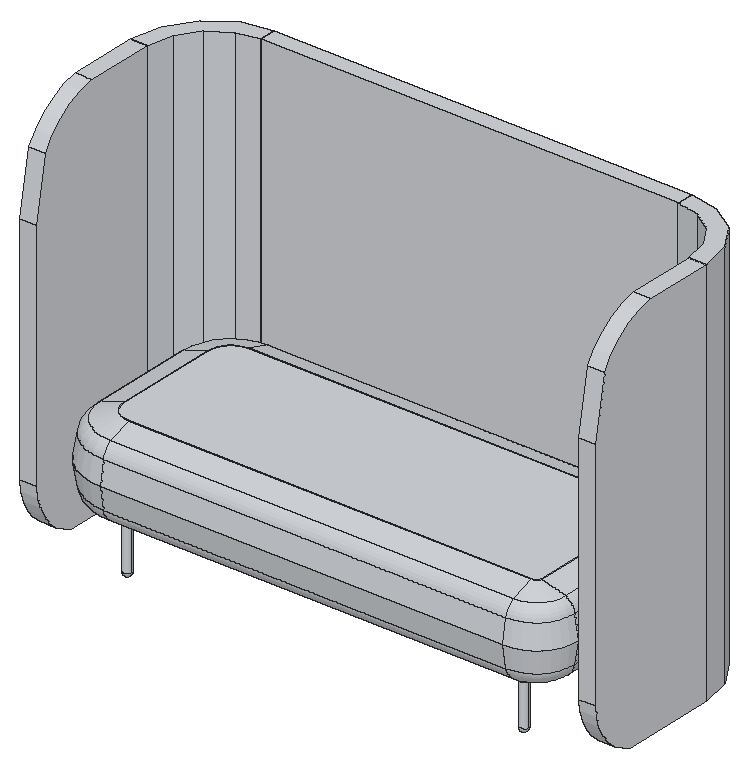
Revit family "Bernhardt-Design_Seating_ChapelleL_2-Seat_Full-Wall", category Furniture, Revit 2013
Parameters (values of type "2 Seat Full Wall")
  Model = "Chapelle"
  Mid Wall = 4' - 1.80644"
  Length = 65' - 9"
  Description = "Seating"
  Width = 2' - 4 1/4"
  URL = "http://bernhardtdesign.com/"
  Product Page URL = "http://www.bernhardtdesign.com/products/chapelle/index.html"
  Product Name = "Chapelle"
  Product Documentation Link = "http://www.bernhardtdesign.com/pdf/pricelists/sofas/Chapelle_PL.pdf"
  Manufacturer = "Bernhardt "  # constant formula
  Level Certification = ""
  Height = 3' - 11 3/8"
  GreenGuard Certification = ""
  Bernhardt Fabric = none
Reference planes (in)
  plane 1 "Center (Front/Back)": y = 0
  plane 2 "Bottom": z = 0
  plane 3 "Center (Left/Right)": x = 0
  plane 4: x = -24.90322
  plane 5: x = 24.90322
  plane 6 "Total Height": z = 47.375
  plane 7 "Seat Height": z = 16.87819
  plane 8 "Base": z = 0.76323
  plane 9: y = -1.50846
  plane 10: y = -18.00846
  plane 11 "seat front edge": y = -20.50934
  plane 12: x = -34.30429
  plane 13: x = 34.30429
Forms (in)
  Extrusion 1, solid
    sketch origin (0, 0, 0) x (1, 0, 0) y (0, 1, 0)
      loop
        line (-24.90322, 8.08149) -> (-24.90322, 6.08149) -> (24.90322, 6.08149) -> (24.90322, 8.08149) -> (-24.90322, 8.08149)
    from 0.76323 to 47.375
  Extrusion 2, solid
    sketch origin (0, 0, 0) x (1, 0, 0) y (0, 1, 0)
      loop
        line (24.90322, 8.08149) -> (24.90322, 6.03681) -> (27.54834, 5.47458) -> (30.03641, 3.8588) -> (31.64539, 1.38119) -> (32.2596, -1.50846) -> (34.30429, -1.50846) -> (33.52462, 2.15959) -> (31.48222, 5.30461) -> (28.32674, 7.3538) -> (24.90322, 8.08149)
    from 0.76323 to 47.375
  Extrusion 3, solid
    sketch origin (0, 0, 0) x (1, 0, 0) y (0, 1, 0)
      loop
        line (34.30429, -1.50846) -> (32.30429, -1.50846) -> (32.30429, -18.00846) -> (34.30429, -18.00846) -> (34.30429, -1.50846)
    from 0.76323 to 47.375
  Extrusion 4, void
    sketch origin (0, 0, 0) x (0, 1, 0) y (0, 0, 1)
      loop
        line (-9.75846, 47.375) -> (-9.75846, 53.875) -> (-24.50846, 53.875) -> (-18.00846, 29.97832)
        arc (-18.00846, 29.97832) -> (-17.92454, 36.30552) -> (-16.7009, 42.51385) r 34.94218
        arc (-16.7009, 42.51385) -> (-13.79438, 45.75091) -> (-9.75846, 47.375) r 9.61187
      loop
        line (-18.00846, 7.50157) -> (-23.08796, -4.465) -> (-12.78184, 0.76323)
        arc (-12.78184, 0.76323) -> (-16.52625, 3.25506) -> (-18.00846, 7.50157) r 7.06609
    from 0 to 44.91622
  Extrusion 5, solid
    sketch origin (0, 0, 0) x (1, 0, 0) y (0, 1, 0)
      loop
        line (-28.32674, 7.3538) -> (-31.48222, 5.30461) -> (-33.52462, 2.15959) -> (-34.30429, -1.50846) -> (-32.2596, -1.50846) -> (-31.64539, 1.38119) -> (-30.03641, 3.8588) -> (-27.54834, 5.47458) -> (-24.90322, 6.03681) -> (-24.90322, 8.08149) -> (-28.32674, 7.3538)
    from 0.76323 to 47.375
  Extrusion 6, solid
    sketch origin (0, 0, 0) x (1, 0, 0) y (0, 1, 0)
      loop
        line (-34.30429, -1.50846) -> (-34.30429, -18.00846) -> (-32.30429, -18.00846) -> (-32.30429, -1.50846) -> (-34.30429, -1.50846)
    from 0.76323 to 47.375
  Extrusion 7, void
    sketch origin (0, 0, 0) x (0, 1, 0) y (0, 0, 1)
      loop
        line (-1.50846, 47.375) -> (-35.50846, 72.76323) -> (-35.50846, -9.98677) -> (-1.50846, -9.98677) -> (-1.50846, 0.76323) -> (-12.78184, 0.76323)
        arc (-12.78184, 0.76323) -> (-16.52625, 3.25506) -> (-18.00846, 7.50157) r 7.06609
        line (-18.00846, 7.50157) -> (-18.00846, 35.38256)
        arc (-18.00846, 35.38256) -> (-17.54014, 38.98221) -> (-16.7009, 42.51385) r 34.94218
        arc (-16.7009, 42.51385) -> (-13.79438, 45.75091) -> (-9.75846, 47.375) r 9.61187
        line (-9.75846, 47.375) -> (-1.50846, 47.375)
    from -56.62088 to -20.41575
Cuts and joins
  Extrusion 4 cuts Extrusion 3
  Extrusion 7 cuts Extrusion 6
Lines and regions (in)
  symbolic lines
    curve 1: line (-33.52462, 2.15959, 0) -> (-34.30429, -1.50846, 0)
    curve 2: line (-31.48222, 5.30461, 0) -> (-33.52462, 2.15959, 0)
    curve 3: line (-28.32674, 7.3538, 0) -> (-31.48222, 5.30461, 0)
    curve 4: line (-24.90322, 8.08149, 0) -> (-28.32674, 7.3538, 0)
    curve 5: line (-27.54834, 5.47458, 0) -> (-24.69301, 6.08149, 0)
    curve 6: line (-30.03641, 3.8588, 0) -> (-27.54834, 5.47458, 0)
    curve 7: line (-31.64539, 1.38119, 0) -> (-30.03641, 3.8588, 0)
    curve 8: line (-32.30429, -1.71867, 0) -> (-31.64539, 1.38119, 0)
    curve 9: line (-32.30429, -18.00846, 0) -> (-32.30429, -1.71867, 0)
    curve 10: line (-34.30429, -18.00846, 0) -> (-32.30429, -18.00846, 0)
    curve 11: line (-34.30429, -1.50846, 0) -> (-34.30429, -18.00846, 0)
    curve 12: line (-24.69301, 6.08149, 0) -> (24.69301, 6.08149, 0)
    curve 13: line (24.90322, 8.08149, 0) -> (-24.90322, 8.08149, 0)
    curve 14: line (28.32674, 7.3538, 0) -> (24.90322, 8.08149, 0)
    curve 15: line (24.69301, 6.08149, 0) -> (27.54834, 5.47458, 0)
    curve 16: line (27.54834, 5.47458, 0) -> (30.03641, 3.8588, 0)
    curve 17: line (31.48222, 5.30461, 0) -> (28.32674, 7.3538, 0)
    curve 18: line (33.52462, 2.15959, 0) -> (31.48222, 5.30461, 0)
    curve 19: line (30.03641, 3.8588, 0) -> (31.64539, 1.38119, 0)
    curve 20: line (34.30429, -1.50846, 0) -> (33.52462, 2.15959, 0)
    curve 21: line (31.64539, 1.38119, 0) -> (32.30429, -1.71867, 0)
    curve 22: line (32.30429, -1.71867, 0) -> (32.30429, -18.00846, 0)
    curve 23: line (34.30429, -18.00846, 0) -> (34.30429, -1.50846, 0)
    curve 24: line (32.30429, -18.00846, 0) -> (34.30429, -18.00846, 0)
    curve 25: arc (-31.99371, -13.39426, 0) -> (-29.94346, -18.344, 0) -> (-24.99371, -20.39426, 0) r 7
    curve 26: line (-31.99371, -13.39426, 0) -> (-31.99371, -1.50846, 0)
    curve 27: line (-24.99371, -20.39426, 0) -> (24.99371, -20.39426, 0)
    curve 28: arc (31.99371, -13.39426, 0) -> (29.94346, -18.344, 0) -> (24.99371, -20.39426, 0) r 7
    curve 29: line (31.99371, -13.39426, 0) -> (31.99371, -1.50846, 0)
Dimensions and locks (in)
  "Mid Wall": plane 4 to plane 5
  equal spacing: plane 4, plane 3 "Center (Left/Right)", plane 5
  "Height": plane 6 "Total Height" to level
  Extrusion 3 to plane 1 "Center (Front/Back)" = 0' - 1.50846"
  locked: Extrusion 1 to nested 1 at 28.47575
  aligned and locked: plane 2 "Bottom" to level
  aligned and locked: Extrusion 1 sketch curve to plane 4
  aligned and locked: Extrusion 1 sketch curve to plane 5
  aligned and locked: Extrusion 1 to plane 8 "Base"
  aligned and locked: plane 6 "Total Height" to Extrusion 1
  aligned and locked: plane 6 "Total Height" to Extrusion 2
  aligned and locked: Extrusion 2 to plane 8 "Base"
  aligned and locked: Extrusion 1 to Extrusion 3
  aligned and locked: Extrusion 3 to plane 8 "Base"
  aligned and locked: plane 6 "Total Height" to Extrusion 3
  aligned and locked: Extrusion 2 to Extrusion 1  (x2)
  aligned and locked: Extrusion 3 to Extrusion 2
  aligned and locked: Extrusion 5 sketch curve to Extrusion 1
  aligned and locked: plane 9 to Extrusion 5 sketch curve
  aligned and locked: Extrusion 5 to Extrusion 1
  aligned and locked: plane 6 "Total Height" to Extrusion 5
  aligned and locked: Extrusion 6 sketch curve to Extrusion 5
  aligned and locked: plane 10 to Extrusion 6 sketch curve
  aligned and locked: Extrusion 6 to Extrusion 1
  aligned and locked: plane 6 "Total Height" to Extrusion 6
Automatic sketch dimensions
  plane 9 to curve 1 = 0' - 0"
  curve 1 to plane 12 = 0' - 0"
  plane 10 to curve 10 = 0' - 0"
  curve 13 to plane 4 = 0' - 0"
  curve 13 to plane 5 = 0' - 0"
  plane 10 to curve 22 = 0' - 0"
  curve 24 to plane 13 = 0' - 0"
  plane 9 to curve 20 = 0' - 0"
  plane 9 to curve 26 = 0' - 0"
  plane 9 to curve 29 = 0' - 0"
  curve 2 to plane 12 = 0' - 0.77967"
  curve 10 to curve 10 = 0' - 2"
  curve 26 to plane 12 = 0' - 2.31058"
  curve 1 to curve 7 = 0' - 1.87923"
  curve 3 to plane 12 = 0' - 2.82207"
  curve 2 to curve 7 = 0' - 1.44581"
  plane 4 to curve 4 = 0' - 3.42352"
  curve 3 to curve 5 = 0' - 0.7784"
  plane 4 to curve 27 = 0' - 0.09049"
  curve 5 to plane 4 = 0' - 0.21021"
  curve 15 to plane 5 = 0' - 0.21021"
  plane 5 to curve 27 = 0' - 0.09049"
  plane 5 to curve 16 = 0' - 2.64512"
  curve 15 to curve 14 = 0' - 0.7784"
  curve 15 to curve 16 = 0' - 2.48808"
  curve 16 to curve 18 = 0' - 1.44581"
  plane 13 to curve 21 = 0' - 2.6589"
  plane 13 to curve 29 = 0' - 2.31058"
  plane 13 to curve 22 = 0' - 2"
  plane 13 to curve 18 = 0' - 0.77967"
  plane 11 "seat front edge" to curve 27 = 0' - 0.11509"
  plane 9 to curve 22 = 0' - 0.21021"
  plane 9 to curve 8 = 0' - 0.21021"
  curve 19 to plane 1 "Center (Front/Back)" = 0' - 1.38119"
  curve 7 to plane 1 "Center (Front/Back)" = 0' - 1.38119"
  curve 19 to curve 18 = 0' - 0.7784"
  curve 7 to curve 1 = 0' - 0.7784"
  curve 19 to curve 19 = 0' - 2.47761"
  curve 7 to curve 6 = 0' - 2.47761"
  curve 16 to curve 17 = 0' - 1.44581"
  curve 6 to curve 2 = 0' - 1.44581"
  curve 6 to curve 5 = 0' - 1.61577"
  curve 16 to curve 15 = 0' - 1.61577"
  curve 15 to curve 15 = 0' - 0.60692"
  curve 15 to curve 17 = 0' - 1.87923"
  curve 5 to curve 3 = 0' - 1.87923"
  curve 5 to curve 13 = 0' - 2"
  Extrusion 1 sketch curve to plane 1 "Center (Front/Back)" = 0' - 6.08149"
  Extrusion 1 sketch curve to Extrusion 1 sketch curve = 0' - 2"
  Extrusion 2 sketch curve to plane 5 = 0' - 0"
  plane 9 to Extrusion 2 sketch curve = 0' - 0"
  Extrusion 2 sketch curve to plane 13 = 0' - 0"
  Extrusion 2 sketch curve to plane 1 "Center (Front/Back)" = 0' - 1.38119"
  plane 5 to Extrusion 2 sketch curve = 0' - 2.64512"
  Extrusion 2 sketch curve to Extrusion 2 sketch curve = 0' - 0.7784"  (x2)
  Extrusion 2 sketch curve to Extrusion 2 sketch curve = 0' - 2.48808"
  Extrusion 2 sketch curve to Extrusion 2 sketch curve = 0' - 1.44581"  (x2)
  plane 13 to Extrusion 2 sketch curve = 0' - 2.6589"
  plane 13 to Extrusion 2 sketch curve = 0' - 2.04468"
  plane 13 to Extrusion 2 sketch curve = 0' - 0.77967"
  Extrusion 2 sketch curve to Extrusion 2 sketch curve = 0' - 2.47761"
  Extrusion 2 sketch curve to Extrusion 2 sketch curve = 0' - 1.61577"
  Extrusion 2 sketch curve to Extrusion 2 sketch curve = 0' - 0.56224"
  Extrusion 2 sketch curve to Extrusion 2 sketch curve = 0' - 1.87923"
  Extrusion 2 sketch curve to Extrusion 2 sketch curve = 0' - 2.04468"
  plane 10 to Extrusion 3 sketch curve = 0' - 0"
  plane 9 to Extrusion 3 sketch curve = 0' - 0"
  Extrusion 3 sketch curve to plane 13 = 0' - 0"
  Extrusion 3 sketch curve to Extrusion 3 sketch curve = 0' - 2"
  Extrusion 4 sketch curve to plane 10 = 0' - 0"  (x2)
  Extrusion 4 sketch curve to plane 8 "Base" = 0' - 0"
  Extrusion 4 sketch curve to plane 6 "Total Height" = 0' - 0"
  Extrusion 4 sketch curve to level = 0' - 4.465"
  Extrusion 4 sketch curve to plane 11 "seat front edge" = 0' - 2.57862"
  Extrusion 4 sketch curve to plane 11 "seat front edge" = 0' - 3.99912"
  Extrusion 4 sketch curve to plane 10 = 0' - 5.22662"
  plane 9 to Extrusion 4 sketch curve = 0' - 8 1/4"
  Extrusion 4 sketch curve to plane 10 = 0' - 1.30756"
  plane 8 "Base" to Extrusion 4 sketch curve = 0' - 6.8226"
  Extrusion 4 sketch curve to Extrusion 4 sketch curve = 0' - 7.06559"
  plane 9 to Extrusion 4 sketch curve = 0' - 6.77278"
  Extrusion 4 sketch curve to plane 1 "Center (Front/Back)" = 1' - 4.82908"
  plane 7 "Seat Height" to Extrusion 4 sketch curve = 1' - 1.10012"
  Extrusion 4 sketch curve to Extrusion 4 sketch curve = 0' - 6 1/2"
  Extrusion 4 sketch curve to Extrusion 4 sketch curve = 1' - 2.69456"
  Extrusion 5 sketch curve to plane 12 = 0' - 0"
  Extrusion 5 sketch curve to plane 1 "Center (Front/Back)" = 0' - 1.38119"
  Extrusion 5 sketch curve to plane 12 = 0' - 0.77967"
  Extrusion 5 sketch curve to Extrusion 5 sketch curve = 0' - 2.04468"  (x2)
  Extrusion 5 sketch curve to Extrusion 5 sketch curve = 0' - 1.87923"  (x2)
  Extrusion 5 sketch curve to plane 12 = 0' - 2.82207"
  Extrusion 5 sketch curve to Extrusion 5 sketch curve = 0' - 1.44581"  (x2)
  plane 4 to Extrusion 5 sketch curve = 0' - 3.42352"
  Extrusion 5 sketch curve to Extrusion 5 sketch curve = 0' - 0.7784"  (x2)
  Extrusion 5 sketch curve to Extrusion 5 sketch curve = 0' - 2.47761"
  Extrusion 5 sketch curve to Extrusion 5 sketch curve = 0' - 1.61577"
  Extrusion 5 sketch curve to Extrusion 5 sketch curve = 0' - 0.56224"
  Extrusion 6 sketch curve to plane 12 = 0' - 0"
  Extrusion 6 sketch curve to plane 12 = 0' - 2"
  Extrusion 7 sketch curve to plane 10 = 0' - 0"
  Extrusion 7 sketch curve to plane 8 "Base" = 0' - 0"
  Extrusion 7 sketch curve to plane 6 "Total Height" = 0' - 0"
  Extrusion 7 sketch curve to plane 9 = 0' - 0"  (x2)
  Extrusion 7 sketch curve to level = 0' - 9.98677"
  Extrusion 7 sketch curve to plane 11 "seat front edge" = 1' - 2.99912"
  Extrusion 7 sketch curve to plane 10 = 0' - 5.22662"
  Extrusion 7 sketch curve to Extrusion 7 sketch curve = 0' - 8 1/4"
  Extrusion 7 sketch curve to plane 10 = 0' - 1.30756"
  plane 8 "Base" to Extrusion 7 sketch curve = 0' - 6.8226"
  Extrusion 7 sketch curve to Extrusion 7 sketch curve = 0' - 1.83897"
  plane 9 to Extrusion 7 sketch curve = 0' - 6.77278"
  Extrusion 7 sketch curve to plane 1 "Center (Front/Back)" = 1' - 4.82908"
  Extrusion 7 sketch curve to plane 6 "Total Height" = 0' - 11.99244"
  plane 6 "Total Height" to Extrusion 7 sketch curve = 2' - 1.38823"
  Extrusion 7 sketch curve to plane 6 "Total Height" = 1' - 2.69456"
Nested families (in)
  nested 1: "Bernhardt-Design_Seating_ChapelleL_2-Seat_Bench" at (-0.23692, 11.22753, 0), type "2 seater bench"
Definition of nested family "Bernhardt-Design_Seating_ChapelleL_2-Seat_Bench"
  Parameters (values of type "2 seater bench")
    Width = 2' - 2 1/2"
    Model = "Chapelle 2 Seat Bench"
    Manufacturer = "Bernhardt"
    Length = 5' - 0"
    Height = 1' - 6"
    Description = "Seating"
    Bernhardt Fabrics = Fabric-Bernhardt-White
  Reference planes (in)
    plane 1: z = 0
    plane 2: z = 47.125
    plane 3: y = -5.21875
    plane 4: x = 30.40807
    plane 5 "mid seat": z = 11.85004
    plane 6 "op seat": z = 16.98912
    plane 7: x = -23.22633
    plane 8: x = 24.04248
    plane 9: x = 0.40807
    plane 10 "front edge of bench": y = -31.62178
    plane 11 "Bench center": y = -18.53536
    plane 12 "le plane": y = -26.79581
    plane 13: x = -29.59193
  Forms (in)
    Revolve 1, solid
      sketch origin (0, -26.79581, 0) x (0, 0, -1) y (1, 0, 0)
        loop
          line (-6.88986, -23.22633) -> (0, -23.22633)
          arc (0, -23.22633) -> (-0.20612, -22.84815) -> (-0.60963, -22.69754) r 0.6158
          line (-0.60963, -22.69754) -> (-5.60963, -22.69754)
          arc (-5.60963, -22.69754) -> (-6.34307, -22.4291) -> (-6.71097, -21.74015) r 1.0948
          line (-6.71097, -21.74015) -> (-6.83424, -21.74015) -> (-6.88986, -21.94772) -> (-6.88986, -23.22633)
        axis (-6.88986, -23.22633) -> (0, -23.22633)
      angle from 0 to 360
    Revolve 2, solid
      sketch origin (0, -10.2749, 0) x (0, 0, -1) y (-1, 0, 0)
        loop
          line (-6.88986, 23.22633) -> (-6.88986, 21.94772) -> (-6.83424, 21.74015) -> (-6.71097, 21.74015)
          arc (-6.71097, 21.74015) -> (-6.34307, 22.4291) -> (-5.60963, 22.69754) r 1.0948
          line (-5.60963, 22.69754) -> (-0.60963, 22.69754)
          arc (-0.60963, 22.69754) -> (-0.20612, 22.84815) -> (0, 23.22633) r 0.6158
          line (0, 23.22633) -> (-6.88986, 23.22633)
        axis (-6.88986, 23.22633) -> (0, 23.22633)
      angle from 0 to 360
    Revolve 3, solid
      sketch origin (-3.18385, -26.79581, 0) x (0, 0, -1) y (-1, 0, 0)
        loop
          line (-6.88986, -27.22633) -> (0, -27.22633)
          arc (0, -27.22633) -> (-0.20612, -26.84815) -> (-0.60963, -26.69754) r 0.6158
          line (-0.60963, -26.69754) -> (-5.60963, -26.69754)
          arc (-5.60963, -26.69754) -> (-6.34307, -26.4291) -> (-6.71097, -25.74015) r 1.0948
          line (-6.71097, -25.74015) -> (-6.83424, -25.74015) -> (-6.88986, -25.94772) -> (-6.88986, -27.22633)
        axis (-6.88986, -27.22633) -> (0, -27.22633)
      angle from 0 to 360
    Revolve 4, solid
      sketch origin (-3.18385, -10.2749, 0) x (0, 0, -1) y (-1, 0, 0)
        loop
          line (-6.88986, -27.22633) -> (0, -27.22633)
          arc (0, -27.22633) -> (-0.20612, -26.84815) -> (-0.60963, -26.69754) r 0.6158
          line (-0.60963, -26.69754) -> (-5.60963, -26.69754)
          arc (-5.60963, -26.69754) -> (-6.34307, -26.4291) -> (-6.71097, -25.74015) r 1.0948
          line (-6.71097, -25.74015) -> (-6.83424, -25.74015) -> (-6.88986, -25.94772) -> (-6.88986, -27.22633)
        axis (-6.88986, -27.22633) -> (0, -27.22633)
      angle from 0 to 360
    Sweep 5, solid
      path origin (0, 0, 6.71097) x (0, 1, 0) y (-1, 0, 0)
        loop
          arc (-5.21875, 22.59193) -> (-7.269, 27.54167) -> (-12.21875, 29.59193) r 7
          line (-12.21875, 29.59193) -> (-24.62178, 29.59193)
          arc (-24.62178, 29.59193) -> (-29.57153, 27.54167) -> (-31.62178, 22.59193) r 7
          line (-31.62178, 22.59193) -> (-31.62178, -25.40807)
          arc (-31.62178, -25.40807) -> (-30.15732, -28.94361) -> (-26.62178, -30.40807) r 5
          line (-26.62178, -30.40807) -> (-12.21875, -30.40807)
          arc (-12.21875, -30.40807) -> (-7.269, -28.35782) -> (-5.21875, -23.40807) r 7
          line (-5.21875, -23.40807) -> (-5.21875, 22.59193)
      profile origin (0.40807, -5.21875, 6.71097) x (0, 1, 0) y (0, 0, 1)
        loop
          line (0, 5.13907) -> (-4.32844, 5.13907) -> (-4.32844, 0) -> (-1.55892, 0.88647)
          arc (-1.55892, 0.88647) -> (-0.84704, 1.53879) -> (-0.47753, 2.43085) r 2.23055
          line (-0.47753, 2.43085) -> (0, 5.13907)
    Sweep 6, solid
      path origin (0, 0, 16.98912) x (-1, 0, 0) y (0, -1, 0)
        loop
          arc (22.59193, 5.21875) -> (27.54167, 7.269) -> (29.59193, 12.21875) r 7
          line (29.59193, 12.21875) -> (29.59193, 24.62178)
          arc (29.59193, 24.62178) -> (27.54167, 29.57153) -> (22.59193, 31.62178) r 7
          line (22.59193, 31.62178) -> (-25.40807, 31.62178)
          arc (-25.40807, 31.62178) -> (-28.94361, 30.15732) -> (-30.40807, 26.62178) r 5
          line (-30.40807, 26.62178) -> (-30.40807, 12.21875)
          arc (-30.40807, 12.21875) -> (-28.35782, 7.269) -> (-23.40807, 5.21875) r 7
          line (-23.40807, 5.21875) -> (22.59193, 5.21875)
      profile origin (0.40807, -5.21875, 16.98912) x (0, 1, 0) y (0, 0, 1)
        loop
          line (0, -5.13907) -> (-0.47753, -2.43085)
          arc (-0.47753, -2.43085) -> (-0.84704, -1.53879) -> (-1.55892, -0.88647) r 2.23055
          line (-1.55892, -0.88647) -> (-4.32844, 0) -> (-4.32844, -5.13907) -> (0, -5.13907)
    Extrusion 7, solid
      sketch origin (0, 0, 16.98912) x (-1, 0, 0) y (0, -1, 0)
        loop
          arc (22.59193, 9.54719) -> (24.481, 10.32967) -> (25.26348, 12.21875) r 2.67156
          line (25.26348, 12.21875) -> (25.26348, 24.62178)
          arc (25.26348, 24.62178) -> (24.481, 26.51086) -> (22.59193, 27.29334) r 2.67156
          line (22.59193, 27.29334) -> (-25.40807, 27.29334)
          arc (-25.40807, 27.29334) -> (-25.88294, 27.09664) -> (-26.07963, 26.62178) r 0.67156
          line (-26.07963, 26.62178) -> (-26.07963, 12.21875)
          arc (-26.07963, 12.21875) -> (-25.29715, 10.32967) -> (-23.40807, 9.54719) r 2.67156
          line (-23.40807, 9.54719) -> (22.59193, 9.54719)
      from 0 to -5.13907
  Lines and regions (in)
    symbolic lines
      curve 1: line (23.40807, -5.21875, 16.98912) -> (-22.59193, -5.21875, 16.98912)
      curve 2: arc (-22.59193, -5.21875, 16.98912) -> (-27.54167, -7.269, 16.98912) -> (-29.59193, -12.21875, 16.98912) r 7
      curve 3: line (-29.59193, -12.21875, 16.98912) -> (-29.59193, -24.62178, 16.98912)
      curve 4: arc (-29.59193, -24.62178, 16.98912) -> (-27.54167, -29.57153, 16.98912) -> (-22.59193, -31.62178, 16.98912) r 7
      curve 5: line (-22.59193, -31.62178, 16.98912) -> (25.40807, -31.62178, 16.98912)
      curve 6: arc (25.40807, -31.62178, 16.98912) -> (28.94361, -30.15732, 16.98912) -> (30.40807, -26.62178, 16.98912) r 5
      curve 7: line (30.40807, -26.62178, 16.98912) -> (30.40807, -12.21875, 16.98912)
      curve 8: arc (30.40807, -12.21875, 16.98912) -> (28.35782, -7.269, 16.98912) -> (23.40807, -5.21875, 16.98912) r 7
      curve 9: line (23.40807, -5.21875, 16.98912) -> (-22.59193, -5.21875, 16.98912)
  Dimensions and locks (in)
    locked: plane 2 to level at 47.125
    plane 7 to plane 8 = 3' - 11.2688"
    equal spacing: plane 7, plane 9, plane 8
    "Length": plane 13 to plane 4
    equal spacing: plane 13, plane 9, plane 4
    aligned and locked: level to plane 1
    aligned and locked: Revolve 1 sketch curve to plane 7
    aligned and locked: Revolve 1 sketch curve to Revolve 1 sketch curve
    aligned and locked: Revolve 2 sketch curve to Revolve 2 sketch curve
    aligned and locked: Revolve 3 sketch curve to Revolve 3 sketch curve
    aligned and locked: Revolve 4 sketch curve to Revolve 4 sketch curve
    aligned and locked: Extrusion 7 to plane 5 "mid seat"
    aligned and locked: plane 6 "op seat" to Extrusion 7
  Automatic sketch dimensions
    Revolve 1 sketch curve to level = 0' - 0"  (x2)
    plane 7 to Revolve 1 sketch curve = 0' - 0.52879"
    level to Revolve 1 sketch curve = 0' - 0.60963"
    Revolve 1 sketch curve to Revolve 1 sketch curve = 0' - 5"
    Revolve 1 sketch curve to Revolve 1 sketch curve = 0' - 1.10134"
    plane 7 to Revolve 1 sketch curve = 0' - 1.48617"
    Revolve 1 sketch curve to Revolve 1 sketch curve = 0' - 0.12327"
    Revolve 1 sketch curve to Revolve 1 sketch curve = 0' - 1.28023"
    Revolve 1 sketch curve to Revolve 1 sketch curve = 0' - 0"
    Revolve 1 sketch curve to Revolve 1 sketch curve = 0' - 0.01519"
    Revolve 1 sketch curve to Revolve 1 sketch curve = 0' - 0.20756"
    Revolve 2 sketch curve to plane 7 = 0' - 0"
    Revolve 2 sketch curve to level = 0' - 0"  (x2)
    plane 7 to Revolve 2 sketch curve = 0' - 1.48617"
    level to Revolve 2 sketch curve = 0' - 0.60963"
    plane 7 to Revolve 2 sketch curve = 0' - 0.52879"
    Revolve 2 sketch curve to Revolve 2 sketch curve = 0' - 5"
    Revolve 2 sketch curve to Revolve 2 sketch curve = 0' - 1.10134"
    Revolve 2 sketch curve to Revolve 2 sketch curve = 0' - 0.12327"
    Revolve 2 sketch curve to Revolve 2 sketch curve = 0' - 1.28023"
    Revolve 2 sketch curve to Revolve 2 sketch curve = 0' - 0"
    Revolve 2 sketch curve to Revolve 2 sketch curve = 0' - 1.08616"
    Revolve 2 sketch curve to Revolve 2 sketch curve = 0' - 0.20756"
    plane 8 to Revolve 3 sketch curve = 0' - 0"
    Revolve 3 sketch curve to level = 0' - 0"  (x2)
    Revolve 3 sketch curve to plane 8 = 0' - 0.52879"
    Revolve 3 sketch curve to level = 0' - 0.60963"
    Revolve 3 sketch curve to Revolve 3 sketch curve = 0' - 5"
    Revolve 3 sketch curve to Revolve 3 sketch curve = 0' - 1.10134"
    Revolve 3 sketch curve to plane 8 = 0' - 1.48617"
    Revolve 3 sketch curve to Revolve 3 sketch curve = 0' - 0.12327"
    Revolve 3 sketch curve to Revolve 3 sketch curve = 0' - 1.28023"
    Revolve 3 sketch curve to Revolve 3 sketch curve = 0' - 0"
    Revolve 3 sketch curve to Revolve 3 sketch curve = 0' - 0.01519"
    Revolve 3 sketch curve to Revolve 3 sketch curve = 0' - 0.20756"
    plane 8 to Revolve 4 sketch curve = 0' - 0"
    Revolve 4 sketch curve to level = 0' - 0"  (x2)
    plane 8 to Revolve 4 sketch curve = 0' - 0.52879"
    level to Revolve 4 sketch curve = 0' - 0.60963"
    Revolve 4 sketch curve to Revolve 4 sketch curve = 0' - 5"
    Revolve 4 sketch curve to Revolve 4 sketch curve = 0' - 1.10134"
    plane 8 to Revolve 4 sketch curve = 0' - 1.48617"
    Revolve 4 sketch curve to Revolve 4 sketch curve = 0' - 0.12327"
    Revolve 4 sketch curve to Revolve 4 sketch curve = 0' - 1.28023"
    Revolve 4 sketch curve to Revolve 4 sketch curve = 0' - 0"
    Revolve 4 sketch curve to Revolve 4 sketch curve = 0' - 1.08616"
    Revolve 4 sketch curve to Revolve 4 sketch curve = 0' - 0.20756"
    Sweep 5 sketch curve to plane 10 "front edge of bench" = 0' - 0"
    Sweep 5 sketch curve to plane 4 = 0' - 0"
    Sweep 5 sketch curve to plane 13 = 0' - 0"
    plane 3 to Sweep 5 sketch curve = 0' - 0"
    Sweep 5 sketch curve to plane 8 = 0' - 1.3656"
    Sweep 5 sketch curve to plane 12 "le plane" = 0' - 2.17403"
    plane 11 "Bench center" to Sweep 5 sketch curve = 0' - 6.31661"  (x2)
    Sweep 5 sketch curve to profile plane = 0' - 0"  (x2)
    profile plane to Sweep 5 sketch curve = 0' - 0.88647"
    profile plane to Sweep 5 sketch curve = 0' - 0.47753"
    profile plane to Sweep 5 sketch curve = 0' - 1.55892"
    Sweep 5 sketch curve to Sweep 5 sketch curve = 0' - 2 197/256"
    Sweep 5 sketch curve to Sweep 5 sketch curve = 0' - 2.19666"
    Sweep 5 sketch curve to Sweep 5 sketch curve = 0' - 1.54438"
    Sweep 5 sketch curve to Sweep 5 sketch curve = 0' - 2.70822"
    Sweep 6 sketch curve to plane 4 = 0' - 0"
    Sweep 6 sketch curve to plane 10 "front edge of bench" = 0' - 0"
    plane 3 to Sweep 6 sketch curve = 0' - 0"
    Sweep 6 sketch curve to plane 13 = 0' - 0"
    plane 11 "Bench center" to Sweep 6 sketch curve = 0' - 6.31661"
    Sweep 6 sketch curve to plane 8 = 0' - 1.3656"
    plane 7 to Sweep 6 sketch curve = 0' - 0.6344"  (x2)
    Sweep 6 sketch curve to profile plane = 0' - 0"  (x2)
    Sweep 6 sketch curve to profile plane = 0' - 5.13907"
    profile plane to Sweep 6 sketch curve = 0' - 0.47753"
    profile plane to Sweep 6 sketch curve = 0' - 1.55892"
    Sweep 6 sketch curve to Sweep 6 sketch curve = 0' - 2 197/256"
    Sweep 6 sketch curve to Sweep 6 sketch curve = 0' - 1.11527"
    Sweep 6 sketch curve to profile plane = 0' - 2.43085"
    Sweep 6 sketch curve to profile plane = 0' - 0.88647"
    plane 7 to Extrusion 7 sketch curve = 0' - 0.6344"  (x2)
    plane 3 to Extrusion 7 sketch curve = 0' - 4.32844"
    plane 8 to Extrusion 7 sketch curve = 0' - 0.6344"
    Extrusion 7 sketch curve to plane 7 = 0' - 2.03716"
    Extrusion 7 sketch curve to plane 12 "le plane" = 0' - 2.17403"
    Extrusion 7 sketch curve to plane 8 = 0' - 1.3656"
    Extrusion 7 sketch curve to plane 12 "le plane" = 0' - 0.17403"
    plane 3 to curve 1 = 0' - 0"
    plane 7 to curve 1 = 0' - 0.6344"
    curve 2 to plane 13 = 0' - 0"
    plane 8 to curve 1 = 0' - 0.6344"
    curve 3 to plane 12 "le plane" = 0' - 2.17403"
    curve 4 to plane 10 "front edge of bench" = 0' - 0"
    curve 5 to plane 8 = 0' - 1.3656"
    curve 6 to plane 4 = 0' - 0"
